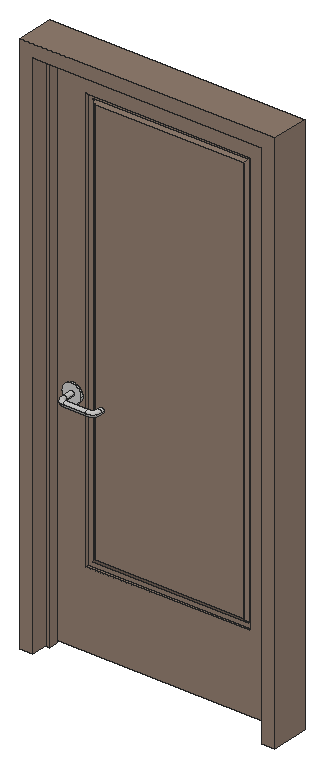
Revit family "Door_RecessedPanel_Ambico_Single-1x1", category Doors, host Wall, Revit 2026
Family settings
  Host = Wall
  Classification Number = 23.30.10.14.11
  Always vertical = Yes
  Cut with Voids When Loaded = No
  Shared = No
  Room Calculation Point = No
Parameters (values of type "as Specified")
  Wind Load = ""
  Water Penetration = ""
  Visual Light Transmittance = VLT  # 0
  VLT = 0
  U = 0.1000 BTU/(h·ft²·°F)
  Thermal Resistance (R) = R  # 0.0000 (h·ft²·°F)/BTU
  Stile Width_Latch Side = 0' - 5"
  Stile Width_Hinge Side = 0' - 5"
  Sound Transmission Class (STC) = 0
  Solar Heat Gain Coefficient = SHGC  # 0
  SHGC = 0
  Rail Height_Top = 0' - 5"
  Rail Height_Bottom = 1' - 0"
  RO Offset = 0' - 0"
  R = 0.0000 (h·ft²·°F)/BTU
  Panel Height = Height - 0' 0 1/4"  # 6' - 11 3/4"
  Heat Transfer Coefficient (U) = U  # 0.1000 BTU/(h·ft²·°F)
  Hardware Finish = Metal - Stainless Steel - Ambico - 4 Finish
  Handle Type Interior [instance] = Handle_Generic Lever : Handle_Generic Lever
  Handle Type Exterior [instance] = Handle_Generic Lever : Handle_Generic Lever
  Handle Height = 3' - 0"
  Function = Interior
  Frame Width = 0' - 2"
  Frame Thickness = 0' - 5 7/8"
  Frame Inset from Exterior [instance] = 0' - 0"
  Frame Finish = Metal - Bronze - Ambico - Architectural
  Building Code Conformance = ""
  Backset [instance] = 0' - 3"
  Air Infiltration = ""
  ASTM Conformance = ""
  Panel Width = Width  # 3' - 0"
  Panel Material = Metal - Bronze - Ambico - Architectural
  Manufacturer Phone = "613-746-4663 "
  Warranty Duration (Years) = 0
  URL = "http://www.ambico.com/"
  Thickness = 0' - 1 3/4"
  Test Data = ""
  Specification = "http://www.arcat.com/sd/clients/ambico.html?coid=40356"
  SpecWizard = ""
  Send Message = "http://www.arcat.com/users.pl?action=UserEmail&company=Ambico Limited&coid=40356&rep=119&fax=800-465-8561&mf="
  Sales Information = "http://www.ambico.com/contact.html"
  Rough Width = (Width + (RO Offset * 2))  # 3' - 0"
  Rough Height = (Height + (RO Offset))  # 7' - 0"
  Product Properties = ""
  Product Data = "http://www.arcat.com/arcatcos/cos40/arc40356.html"
  Manufacturer Website = "http://www.ambico.com/"
  Manufacturer Phone - Toll Free = "888-423-2224"
  Manufacturer Fax = "800-465-8561"
  Manufacturer Address = "1120 Cummings Ave. Ottawa, ON Canada K1J 7R8"
  Maintenance Schedule (Months) = 0
  Installation-Fabrication = "http://www.ambico.com/specs-a-cads-library.html"
  Installation Phase = ""
  Green Building-LEED = "http://www.arcat.com/green/clients/leed_data_40356.html"
  Model = "Recessed Panel 1x1"
  Manufacturer = "Ambico Limited"
  Keynote = "08300"
  Height = 7' - 0"
  Wall Closure = By host
  Width = 3' - 0"
  Fire Rating = "NFR"
  Expected Lifespan (Years) = 0
  Drawn By = "Sumex Design, Inc. / Robert S. Weygant, CSI, CDT, SCIP"
  Description = "Ambico Recessed Panel Steel Door - Single Configuration as Specified"
  Copyright = "©Arcat Inc."
  Construction Details = "http://www.arcat.com/details/ambico/ambico.html?coid=40356"
  Building Codes = ""
  Assembly Code = ""
  ADA Compliant = yes
  AAMA Designation = ""
Reference planes (in)
  plane 1 "Center (Front/Back)": y = -34.46225
  plane 2 "Center (Left/Right)": x = 62.28704
  plane 3: z = 0
  plane 4 "Right": x = 82.28704
  plane 5 "Left": x = 42.28704
  plane 6 "Closure": y = -36.46225
  plane 7: z = 0
  plane 8 "Top of Frame": z = 86
  plane 9 "RO Top": z = 86
  plane 10 "RO Right": x = 82.28704
  plane 11 "RO Left": x = 42.28704
  plane 12 "Frame Ext": y = -31.96225
  plane 13 "Frame Int": y = -37.83725
  plane 14: x = 80.28704
  plane 15: x = 44.28704
  plane 16: z = 84
  plane 17: z = 36
  plane 18: y = -33.71225
  plane 19: y = -31.96225
  plane 20: x = 47.28704
Forms (in)
  Sweep 1, solid, material "Metal - Bronze - Ambico - Architectural" <- "Frame Finish"
    path origin (1.99114, -31.96225, 48) x (-1, 0, 0) y (0, 0, 1)
      loop
        line (-80.2959, -48) -> (-80.2959, 38) -> (-40.2959, 38) -> (-40.2959, -48)
    profile "P_Frame_Standard : P_Frame_Standard" origin (82.28704, -31.96225, 43) x (1, 0, 0) y (0, 1, 0)
      loop
        line (0, 0) -> (-2, 0) -> (-2, -1.9375) -> (-2.625, -1.9375) -> (-2.625, -3.4375) -> (-2, -3.4375) -> (-2, -5.875) -> (0, -5.875) -> (0, 0)
Lines and regions (in)
  Opening 1
    outline origin (-109.33485, -36.46225, 0) x (1, 0, 0) y (0, 0, 1)
      loop
        line (151.62189, 0) -> (191.62189, 0) -> (191.62189, 86) -> (151.62189, 86) -> (151.62189, 0)
Text (in)
  text "Exterior" at (-13.01141, -14.47138, 0), in view "Plan"
  text "Interior" at (-13.01141, -59.53737, 0), in view "Plan"
  text "Exterior" at (0, -17.98638, 123.01588), in view "Right"
  text "Interior" at (0, -64.39139, 123.01588), in view "Right"
  text "Interior" at (0, -52.09468, 121.14095), in view "Left"
  text "Exterior" at (0, 26.35325, 123.00693), in view "Left"
Dimensions and locks (in)
  equal spacing: plane 4 "Right", plane 2 "Center (Left/Right)", plane 5 "Left"
  "RO Offset": plane 5 "Left" to plane 11 "RO Left"
  "RO Offset": plane 10 "RO Right" to plane 4 "Right"
  "RO Offset": plane 9 "RO Top" to plane 8 "Top of Frame"
  "Frame Thickness": plane 12 "Frame Ext" to plane 13 "Frame Int"
  "Frame Width": plane 16 to plane 8 "Top of Frame"
  "Frame Width": plane 4 "Right" to plane 14
  "Frame Width": plane 5 "Left" to plane 15
  "Frame Inset from Exterior": plane 19 to plane 12 "Frame Ext"
  "Handle Height": level to plane 17
  "Thickness": plane 12 "Frame Ext" to plane 18
  locked: plane 19 to host wall at 0.5
  "Height": level to plane 16
  "Width": plane 15 to plane 14
  "Backset": plane 15 to plane 20
  aligned and locked: host wall to plane 1 "Center (Front/Back)"
  aligned and locked: host wall to plane 6 "Closure"
  aligned and locked: plane 2 "Center (Left/Right)" to nested 1
  aligned and locked: plane 12 "Frame Ext" to nested 1
  aligned and locked: plane 17 to nested 3
  aligned and locked: nested 2 to plane 17
  aligned and locked: plane 20 to nested 2
  aligned and locked: plane 20 to nested 3
Automatic sketch dimensions
  Opening 1 sketch curve to plane 9 "RO Top" = 0' - 0"
  Opening 1 sketch curve to plane 11 "RO Left" = 0' - 0"
  Opening 1 sketch curve to plane 10 "RO Right" = 0' - 0"
  Opening 1 sketch curve to level = 0' - 0"
  Sweep 1 sketch curve to plane 4 "Right" = 0' - 0"
  Sweep 1 sketch curve to plane 5 "Left" = 0' - 0"
  Sweep 1 sketch curve to level = 0' - 0"  (x2)
  Sweep 1 sketch curve to plane 8 "Top of Frame" = 0' - 0"
Nested families (in)
  nested 1: "Panel_Recessed1" at (62.28704, -32.83725, 0.25) x (-1, 0, 0) z (0, 0, 1), Material <- "Panel Material", Width <- "Panel Width", Thickness <- "Thickness", Height <- "Panel Height", Rail_Bottom <- "Rail Height_Bottom", Rail_Top <- "Rail Height_Top", Stile_Hinge <- "Stile Width_Hinge Side", Stile_Latch <- "Stile Width_Latch Side", type "as Specified"
    with offset 0' - 0", Width 3' - 0", Thickness 0' - 1 3/4", Stile_Latch 0' - 5", Stile_Hinge 0' - 5", Rail_Top 0' - 5", Rail_Bottom 1' - 0", Material Metal - Bronze - Ambico - Architectural, Height 6' - 11 3/4", Glazing Glass - Glazing - Ambico - Clear
  nested 2: "Handle_Generic Lever" at (47.28704, -31.96225, 36) x (-1, 0, 0) z (0, 1, 0), Material <- "Hardware Finish", type <- "Handle Type Exterior", type "Handle_Generic Lever"
    with Material Metal - Stainless Steel - Ambico - 4 Finish
  nested 3: "Handle_Generic Lever" at (47.28704, -33.71225, 36) x (-1, 0, 0) z (0, -1, 0), Material <- "Hardware Finish", type <- "Handle Type Interior", type "Handle_Generic Lever"
    with Material Metal - Stainless Steel - Ambico - 4 Finish
Definition of nested family "Panel_Recessed1"
  Parameters (values of type "as Specified")
    offset [instance] = 0' - 0"
    Width [instance] = 3' - 0"
    Warranty Duration (Years) = 0
    URL = "http://www.ambico.com/"
    Thickness [instance] = 0' - 1 3/4"
    Stile_Latch [instance] = 0' - 3.5938"
    Stile_Hinge [instance] = 0' - 3"
    Specification = "http://www.arcat.com/sd/clients/ambico.html?coid=40356"
    SpecWizard = ""
    Send Message = "http://www.arcat.com/users.pl?action=UserEmail&company=Ambico Limited&coid=40356&rep=119&fax=800-465-8561&mf="
    Sales Information = "http://www.ambico.com/contact.html"
    Revision = "R1_03-2012"
    Rail_Top [instance] = 0' - 3.32465"
    Rail_Bottom [instance] = 0' - 4"
    Product Properties = ""
    Product Data = "http://www.arcat.com/arcatcos/cos40/arc40356.html"
    Model = "As Specified"
    Material [instance] = none
    Manufacturer Website = "http://www.ambico.com/"
    Manufacturer Phone - Toll Free = "888-423-2224"
    Manufacturer Phone = "613-746-4663 "
    Manufacturer Fax = "800-465-8561"
    Manufacturer Address = "1120 Cummings Ave. Ottawa, ON Canada K1J 7R8"
    Manufacturer = "Ambico Limited"
    Maintenance Schedule (Months) = 0
    Keynote = "08300"
    Installation-Fabrication = "http://www.ambico.com/specs-a-cads-library.html"
    Installation Phase = ""
    Height [instance] = 7' - 0"
    Green Building-LEED = "http://www.arcat.com/green/clients/leed_data_40356.html"
    Glazing [instance] = none
    Expected Lifespan (Years) = 0
    Drawn By = "Sumex Design, Inc. / Robert S. Weygant, CSI, CDT, SCIP"
    Description = "Ambico Door Product as Specified"
    Default Elevation = 4' - 0"
    Copyright = "©Arcat Inc."
    Construction Details = "http://www.arcat.com/details/ambico/ambico.html?coid=40356"
    Assembly Code = ""
    Analytic Construction = "<None>"
  Reference planes (in)
    plane 1 "Center (Front/Back)": y = 0
    plane 2 "Bottom": z = 0
    plane 3 "Center (Left/Right)": x = 0
    plane 4 "Front": y = -0.875
    plane 5 "Back": y = 0.875
    plane 6 "Left": x = -18
    plane 7 "Right": x = 18
    plane 8 "Top": z = 84
    plane 9: z = 42
    plane 10: z = 80.67535
    plane 11: z = 4
    plane 12: x = 14.4062
    plane 13: x = -15
    plane 14: y = 0.75
    plane 15: y = -0.75
  Forms (in)
    Extrusion 1, solid, material <- "Material"
      sketch origin (0, 0, 0) x (1, 0, 0) y (0, 0, 1)
        loop
          line (-18, 84) -> (-18, 0) -> (18, 0) -> (18, 84) -> (-18, 84)
        loop
          line (-15, 80.67535) -> (-15, 4) -> (14.4062, 4) -> (14.4062, 80.67535) -> (-15, 80.67535)
      from -0.875 to 0.875
    Sweep 2, solid, material <- "Material"
      path origin (0, 0, 0) x (1, 0, 0) y (0, 0, 1)
        loop
          line (-15, 80.67535) -> (-15, 4) -> (14.4062, 4) -> (14.4062, 80.67535) -> (-15, 80.67535)
      profile origin (-0.2969, 0, 80.67535) x (0, 0, 1) y (0, -1, 0)
        loop
          line (0, 0.375) -> (-0.6875, 0.375) -> (-1.25, 0.75) -> (-1.25, -0.75) -> (-0.6875, -0.375) -> (0, -0.375) -> (0, 0.375)
    Extrusion 3, solid, material <- "Material"
      sketch origin (0, 0, 0) x (1, 0, 0) y (0, 0, 1)
        loop
          line (-13.75, 79.42535) -> (-13.75, 5.25) -> (13.1562, 5.25) -> (13.1562, 79.42535) -> (-13.75, 79.42535)
      from -0.75 to 0.75
  Lines and regions (in)
    symbolic lines
      curve 1: line (18, 0, 84) -> (-18, 0, 42)
      curve 2: line (-18, 0, 42) -> (18, 0, 0)
      curve 3: arc (18, 0.875, 0) -> (7.45584, 26.33084, 0) -> (-18, 36.875, 0) r 36
      curve 4: line (-18, 36.875, 0) -> (-18, 0.875, 0)
  Dimensions and locks (in)
    equal spacing: plane 6 "Left", plane 3 "Center (Left/Right)", plane 7 "Right"
    "Width": plane 6 "Left" to plane 7 "Right"
    equal spacing: plane 5 "Back", plane 1 "Center (Front/Back)", plane 4 "Front"
    "Thickness": plane 5 "Back" to plane 4 "Front"
    "Height": plane 8 "Top" to level
    equal spacing: plane 8 "Top", plane 9, level
    "Stile_Hinge": plane 13 to plane 6 "Left"
    "Stile_Latch": plane 7 "Right" to plane 12
    "Rail_Top": plane 8 "Top" to plane 10
    "Rail_Bottom": plane 11 to level
    locked: plane 5 "Back" to plane 14 at 0.125
    locked: plane 15 to plane 4 "Front" at 0.125
    locked: Extrusion 3 sketch curve to plane 11 at 1.25
    locked: Extrusion 3 sketch curve to plane 13 at 1.25
    locked: plane 12 to Extrusion 3 sketch curve at 1.25
    locked: plane 10 to Extrusion 3 sketch curve at 1.25
    locked: plane 15 to Sweep 2 sketch curve at 0.375
    locked: Sweep 2 sketch curve to plane 14 at 0.375
    aligned and locked: Extrusion 1 sketch curve to plane 8 "Top"
    aligned and locked: plane 6 "Left" to Extrusion 1 sketch curve
    aligned and locked: level to Extrusion 1 sketch curve
    aligned and locked: Extrusion 1 sketch curve to plane 7 "Right"
    aligned and locked: Extrusion 1 sketch curve to plane 10
    aligned and locked: plane 13 to Extrusion 1 sketch curve
    aligned and locked: plane 11 to Extrusion 1 sketch curve
    aligned and locked: Extrusion 1 sketch curve to plane 12
    aligned and locked: plane 5 "Back" to Extrusion 1
    aligned and locked: Extrusion 1 to plane 4 "Front"
    aligned and locked: Sweep 2 sketch curve to Extrusion 1  (x4)
    aligned and locked: plane 14 to Extrusion 3
    aligned and locked: plane 15 to Extrusion 3
    aligned and locked: plane 15 to Sweep 2 sketch curve
    aligned and locked: plane 14 to Sweep 2 sketch curve
  Automatic sketch dimensions
    curve 1 to plane 6 "Left" = 0' - 0"
    curve 2 to level = 0' - 0"
    curve 2 to plane 7 "Right" = 0' - 0"
    curve 1 to plane 7 "Right" = 0' - 0"
    curve 1 to plane 9 = 0' - 0"
    curve 1 to plane 8 "Top" = 0' - 0"
    curve 4 to plane 5 "Back" = 0' - 0"
    curve 3 to plane 6 "Left" = 0' - 0"
    curve 3 to plane 5 "Back" = 0' - 0"
    curve 3 to plane 7 "Right" = 0' - 0"
    profile plane to Sweep 2 sketch curve = 0' - 0"
    Sweep 2 sketch curve to Sweep 2 sketch curve = 0' - 0 11/16"
    profile plane to Sweep 2 sketch curve = 0' - 0 11/16"
    Sweep 2 sketch curve to Sweep 2 sketch curve = 0' - 0 9/16"
Definition of nested family "Handle_Generic Lever"
  Parameters
    Material [instance] = none
    Default Elevation = 4' - 0"
  Reference planes (in)
    plane 1 "Center (Front/Back)": y = 0
    plane 2: z = 0
    plane 3 "Center (Left/Right)": x = 0
  Forms (in)
    Sweep 1, solid, material <- "Material"
      path origin (0, 0, 0) x (1, 0, 0) y (0, 0, 1)
        loop
          line (0, 0) -> (0, 1.76511)
          arc (0, 1.76511) -> (-0.29289, 2.47221) -> (-1, 2.76511) r 1
          line (-1, 2.76511) -> (-4.5, 2.76511)
          arc (-4.5, 2.76511) -> (-5.20711, 2.47221) -> (-5.5, 1.76511) r 1
          line (-5.5, 1.76511) -> (-5.5, 1.26511)
      profile origin (0, 0, 0.88255) x (-1, 0, 0) y (0, -1, 0)
        loop
          circle (0, 0) r 0.375
    Extrusion 2, solid, material <- "Material"
      sketch origin (0, 0, 0) x (1, 0, 0) y (0, 1, 0)
        loop
          circle (0, 0) r 1.5
      from 0 to 0.25
  Cuts and joins
    joined: Sweep 1, Extrusion 2
